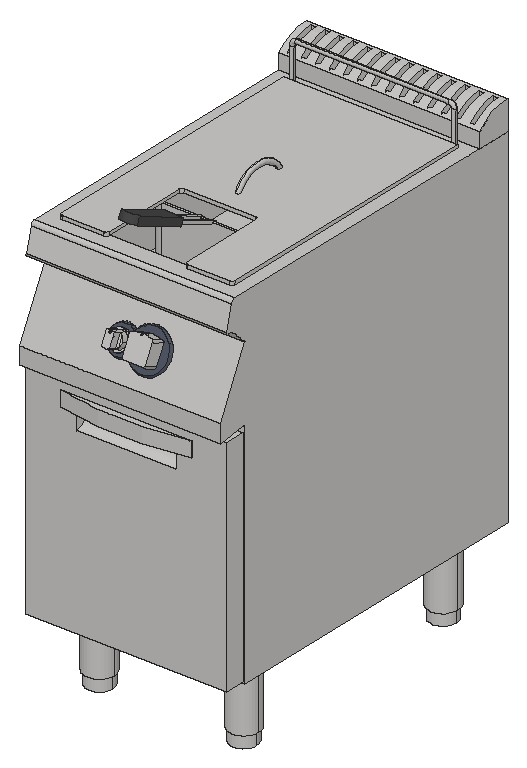
Revit family "QF_ZANUSSI_372070_Z7FRGD1GF0", category Specialty Equipment, Revit 2018 (continued)
Automatic sketch dimensions
  curve 55 to plane 12 = 26.089 mm
  curve 59 to curve 12 = 0 mm
  curve 8 to curve 78 = 5.939 mm
  curve 97 to curve 98 = 7.655 mm
  plane 8 "Center X" to curve 96 = 38.031 mm
  curve 94 to plane 8 "Center X" = 63.432 mm
  curve 94 to curve 69 = 46.229 mm
  plane 11 to curve 74 = 57.852 mm
  plane 11 to curve 63 = 57.877 mm
  curve 74 to curve 103 = 26.898 mm
  curve 83 to plane 5 "FRONT" = 19.111 mm
  plane 5 "FRONT" to curve 104 = 157.15 mm
  plane 12 to curve 80 = 0.124 mm
  curve 80 to curve 99 = 4.26 mm
  curve 104 to plane 4 "RIGHT" = 74.24 mm
  curve 131 to curve 82 = 39.383 mm
  curve 85 to curve 92 = 3.442 mm
  curve 92 to curve 85 = 0 mm
  curve 82 to curve 134 = 3.83 mm
  plane 7 "Center Y" to curve 90 = 14.538 mm
  curve 90 to curve 91 = 5.857 mm
  plane 7 "Center Y" to curve 80 = 1.587 mm
  plane 12 to curve 81 = 0.124 mm
  curve 81 to plane 7 "Center Y" = 1.588 mm
  curve 88 to plane 7 "Center Y" = 8.682 mm
  curve 88 to curve 89 = 5.857 mm
  curve 133 to curve 83 = 3.836 mm
  curve 98 to curve 81 = 4.26 mm
  curve 77 to curve 7 = 9.001 mm
  curve 78 to curve 77 = 6.837 mm
  curve 11 to curve 79 = 5.939 mm
  curve 70 to curve 102 = 22.324 mm
  curve 102 to curve 101 = 3.175 mm
  curve 92 to curve 83 = 17.436 mm
  curve 92 to curve 85 = 6.713 mm
  curve 92 to curve 83 = 6.713 mm
  curve 133 to plane 5 "FRONT" = 15 mm
  curve 82 to curve 134 = 4.111 mm
  plane 5 "FRONT" to curve 3 = 1.377 mm
  plane 5 "FRONT" to curve 1 = 1.377 mm
  radius of Sweep 5 sketch curve = 4.353 mm
  radius of Sweep 6 sketch curve = 3.827 mm
  radius of Extrusion 30 sketch curve = 6.35 mm
  radius of Extrusion 35 sketch curve = 20 mm
  radius of Split face 1 sketch curve = 1 mm
  radius of Split face 2 sketch curve = 1 mm
  radius of Split face 3 sketch curve = 1 mm
  radius of Split face 4 sketch curve = 1 mm
  radius of Split face 5 sketch curve = 1 mm
  radius of Split face 6 sketch curve = 1 mm
  radius of Split face 7 sketch curve = 1 mm
  radius of Split face 8 sketch curve = 1 mm
  radius of Split face 9 sketch curve = 1 mm
  radius of Split face 10 sketch curve = 1 mm
  radius of Split face 11 sketch curve = 1 mm
  radius of Split face 12 sketch curve = 1 mm
  radius of Split face 13 sketch curve = 1 mm
  radius of Split face 14 sketch curve = 1 mm
  radius of Split face 15 sketch curve = 1 mm
  radius of Split face 16 sketch curve = 1 mm
  radius of Split face 17 sketch curve = 1 mm
  radius of Split face 18 sketch curve = 1 mm
  radius of Split face 19 sketch curve = 1 mm
  radius of Split face 20 sketch curve = 1 mm
  radius of Split face 21 sketch curve = 1 mm
  radius of Split face 22 sketch curve = 1 mm
  radius of Split face 23 sketch curve = 1 mm
  radius of Split face 24 sketch curve = 1 mm
  radius of Split face 25 sketch curve = 1.508 mm
  radius of Split face 26 sketch curve = 1.343 mm
  radius of Extrusion 37 sketch curve = 16 mm
Connectors
  piping at (348, -505, 137.3), diameter 12.8
    settings: on Extrusion 30, index 1, connector inside diameter 0.50394", connector length 0 mm, flow factor 0, pipe flow 0 GPM, pressure drop 0.00 psi, fitting loss kfactor 0, connector angle 0.00°, fixture units 0, engagement length 0 mm, angle of deflection 0.00°, flow configuration 1, flow direction 1, fitting loss method 0, system type 7, joint type 0, gender type 0, connector reference index -1, connector utility 0, adjustable connector no, is connector primary yes, connector description "Gas Inlet"
